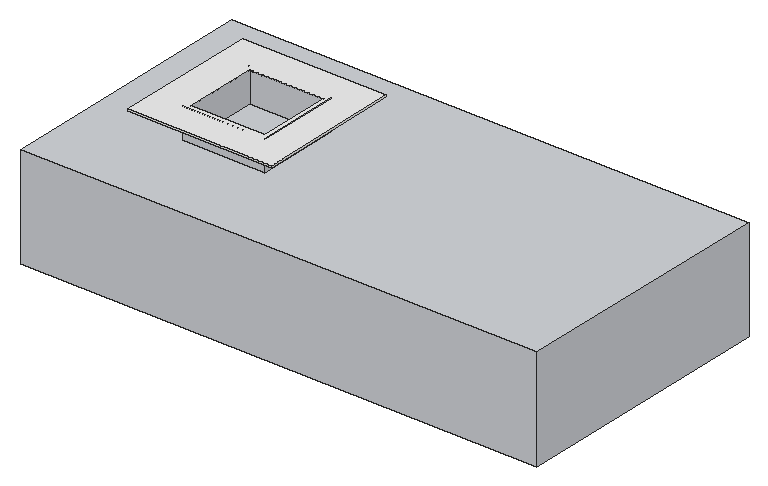
Revit family "Lighting-Recessed-Lucifer-2SA-Low Flux", category Lighting Fixtures, host Face, Revit 2017
Family settings
  Host = Face
  Round Connector Dimension = Use Diameter
  Part Type = Normal
  Cut with Voids When Loaded = No
  Light Source = Yes
  Shared = No
  Room Calculation Point = No
Parameters (values of type "2SA-Low Flux")
  Trim = 4.08"
  Housing Width = 7.50"
  Wattage = 9.2903 W
  built-in parameter 1150110 = 1 (stored number, unit not read)
  Voltage = 0 V
  URL = "https://www.luciferlighting.com/"
  built-in parameter 1114217 = 1 (stored number, unit not read)
  Tilt Angle = -90.00°
  built-in parameter 1150109 = 1 (stored number, unit not read)
  built-in parameter 1150134 = 3
  built-in parameter 1150113 = 1 (stored number, unit not read)
  Power Factor = 1
  Photometric Web File = "Load File"
  Number of Poles = 1
  built-in parameter 1150142 = (empty or 0)
  Model = "2SA Low Flux"
  Manufacturer = "Lucifer Lighting"
  built-in parameter 1150105 = 109.82 (stored number, unit not read)
  Lumens = 1380 lm
  built-in parameter 1150115 = 1 (stored number, unit not read)
  built-in parameter 1150137 = (empty or 0)
  built-in parameter 1150139 = (empty or 0)
  Housing Length = 14.70"
  built-in parameter 1150112 = 1 (stored number, unit not read)
  built-in parameter 1150114 = 1 (stored number, unit not read)
  Lamp = "LED"
  built-in parameter 1150132 = (empty or 0)
  built-in parameter 1150102 = (empty or 0)
  built-in parameter 1150107 = 3200 (stored number, unit not read)
  built-in parameter 1150138 = (empty or 0)
  built-in parameter 1150106 = 1.0982 (stored number, unit not read)
  Housing Height = 3.73"
  Emit from Rectangle Width = 2.10"  # constant formula
  Emit from Rectangle Length = 2.10"  # constant formula
  Emit Shape Visible in Rendering = no
  built-in parameter 1150104 = 13.8 (stored number, unit not read)
  Dimming Lamp Color Temperature Shift = <None>
  Description = "Recessed Downlight Adjustable"
  Default Elevation = 48.00"
  Color Filter = 16777215
  built-in parameter 1114218 = 1 (stored number, unit not read)
  built-in parameter 1150133 = 10 (stored number, unit not read)
  Apparent Load = 0 VA
  Aperture Center Line = 3.73"
Reference planes (in)
  plane 1 "Center (Front/Back)": y = 0
  plane 2: z = 0
  plane 3 "Center (Left/Right)": x = 0
  plane 4: z = -3.73
  plane 5: x = -3.73
  plane 6: x = 10.97
  plane 7: y = 3.75
  plane 8: y = -3.75
  plane 9: x = -3.73
Forms (in)
  Extrusion 1, solid, material "Trim Finish"
    sketch origin (0, 0, 0) x (1, 0, 0) y (0, 1, 0)
      loop
        line (-2.04, 2.04) -> (-2.04, -2.04) -> (2.04, -2.04) -> (2.04, 2.04) -> (-2.04, 2.04)
      loop
        line (-1.05, 1.05) -> (-1.05, -1.05) -> (1.05, -1.05) -> (1.05, 1.05) -> (-1.05, 1.05)
    from 0 to 0.05232
  Extrusion 2, solid
    sketch origin (0, 0, 0) x (1, 0, 0) y (0, 1, 0)
      loop
        line (-3.73, 3.75) -> (-3.73, -3.75) -> (10.97, -3.75) -> (10.97, 3.75) -> (-3.73, 3.75)
    from -0.81991 to -3.73
  Extrusion 3, void
    sketch origin (0, 0, 0) x (1, 0, 0) y (0, 1, 0)
      loop
        line (-1.05, 1.05) -> (-1.05, -1.05) -> (1.05, -1.05) -> (1.05, 1.05) -> (-1.05, 1.05)
    from -0.81991 to 0.05232
  Extrusion 4, solid
    sketch origin (0, 0, 0) x (1, 0, 0) y (0, 1, 0)
      loop
        line (-1.05, 1.05) -> (-1.05, -1.05) -> (1.05, -1.05) -> (1.05, 1.05) -> (-1.05, 1.05)
      loop
        line (-1.17, 1.17) -> (-1.17, -1.17) -> (1.17, -1.17) -> (1.17, 1.17) -> (-1.17, 1.17)
    from -0.81991 to 0.05232
Cuts and joins
  Extrusion 3 cuts Extrusion 1
Dimensions and locks (in)
  "Housing Height": host face to plane 4
  "Housing Length": plane 5 to plane 6
  "Housing Width": plane 7 to plane 8
  equal spacing: plane 7, plane 1 "Center (Front/Back)", plane 8
  "Aperture Center Line": plane 9 to plane 3 "Center (Left/Right)"
  equal spacing: Extrusion 1 sketch curve, plane 3 "Center (Left/Right)", Extrusion 1 sketch curve
  "Trim": Extrusion 1 sketch curve to Extrusion 1 sketch curve  (x2)
  equal spacing: Extrusion 1 sketch curve, plane 1 "Center (Front/Back)", Extrusion 1 sketch curve
  locked: Extrusion 1 sketch curve to Extrusion 1 sketch curve at 2.1
  aligned and locked: plane 2 to host face
  aligned and locked: level to host face
  aligned and locked: Extrusion 2 sketch curve to plane 7
  aligned and locked: plane 5 to Extrusion 2 sketch curve
  aligned and locked: Extrusion 2 sketch curve to plane 6
  aligned and locked: plane 8 to Extrusion 2 sketch curve
  aligned and locked: Extrusion 2 to plane 4
  aligned and locked: Extrusion 3 sketch curve to Extrusion 1  (x4)
  aligned and locked: Extrusion 3 to Extrusion 2
  aligned and locked: Extrusion 1 to Extrusion 3
  aligned and locked: Extrusion 4 sketch curve to cut or joined group of Extrusion 1, Extrusion 3  (x4)
Automatic sketch dimensions
  host sketch curve to host sketch curve = 96.00"  (x2)
  Extrusion 4 sketch curve to Extrusion 4 sketch curve = 0.12"  (x4)
  Extrusion 1 sketch curve to plane 3 "Center (Left/Right)" = 1.05"
  plane 1 "Center (Front/Back)" to Extrusion 1 sketch curve = 1.05"
  Extrusion 1 sketch curve to plane 1 "Center (Front/Back)" = 1.05"
Connectors (in)
  electrical at (3.62, 0, -3.73), driven by "Number of Poles", driven by "Voltage", driven by "Apparent Load", driven by "Power Factor"
    settings: on Extrusion 2, index 1, voltage 0 V, apparent load 0 VA, apparent load phase1 0 VA, apparent load phase2 0 VA, apparent load phase3 0 VA, power factor 1, load classification "Other", number of poles 1, system type 31, power factor state 1, is connector primary yes, connector utility no, sub classification motor no, connector description ""
